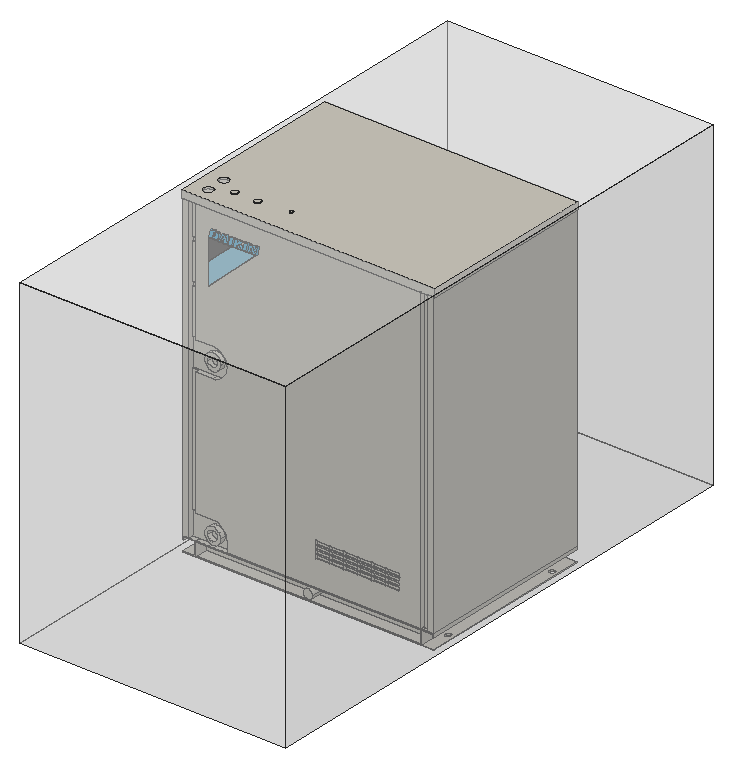
Revit family "outputfile", category 機械設備, Revit 2024 (continued)
Definition of nested family "daikin_logo_elevation_w150"
  Automatic sketch dimensions
    Extrusion 3 sketch curve to Extrusion 3 sketch curve = 8.771 mm
    Extrusion 3 sketch curve to Extrusion 3 sketch curve = 2.088 mm
    Extrusion 3 sketch curve to Extrusion 3 sketch curve = 3.898 mm
    Extrusion 3 sketch curve to plane 4 "top" = 6.682 mm
    Extrusion 3 sketch curve to Extrusion 3 sketch curve = 2.227 mm  (x2)
    Extrusion 3 sketch curve to Extrusion 3 sketch curve = 2.685 mm
    Extrusion 3 sketch curve to plane 4 "top" = 13.365 mm
    Extrusion 3 sketch curve to Extrusion 3 sketch curve = 5.012 mm
    Extrusion 3 sketch curve to Extrusion 3 sketch curve = 12.808 mm
    Extrusion 3 sketch curve to Extrusion 3 sketch curve = 2.784 mm
    Extrusion 3 sketch curve to Extrusion 3 sketch curve = 9.467 mm  (x4)
    Extrusion 3 sketch curve to Extrusion 3 sketch curve = 0.0 mm  (x5)
    Extrusion 3 sketch curve to Extrusion 3 sketch curve = 5.568 mm  (x2)
    Extrusion 3 sketch curve to plane 3 "Center (Left/Right)" = 0.345 mm
    Extrusion 3 sketch curve to plane 3 "Center (Left/Right)" = 1.94 mm
    Extrusion 3 sketch curve to plane 4 "top" = 6.377 mm
    plane 3 "Center (Left/Right)" to Extrusion 3 sketch curve = 5.78 mm
    plane 3 "Center (Left/Right)" to Extrusion 3 sketch curve = 2.996 mm
    Extrusion 3 sketch curve to Extrusion 3 sketch curve = 4.203 mm
    plane 3 "Center (Left/Right)" to Extrusion 3 sketch curve = 11.906 mm
    Extrusion 3 sketch curve to Extrusion 3 sketch curve = 11.694 mm
    plane 3 "Center (Left/Right)" to Extrusion 3 sketch curve = 0.212 mm
    Extrusion 3 sketch curve to plane 3 "Center (Left/Right)" = 4.4 mm
    Extrusion 3 sketch curve to Extrusion 3 sketch curve = 6.053 mm
    Extrusion 3 sketch curve to plane 3 "Center (Left/Right)" = 5.914 mm
    Extrusion 3 sketch curve to Extrusion 3 sketch curve = 10.581 mm
    Extrusion 3 sketch curve to plane 4 "top" = 13.558 mm
    Extrusion 3 sketch curve to Extrusion 3 sketch curve = 4.406 mm
    Extrusion 3 sketch curve to Extrusion 3 sketch curve = 7.796 mm
    Extrusion 3 sketch curve to Extrusion 3 sketch curve = 6.682 mm  (x2)
    Extrusion 3 sketch curve to Extrusion 3 sketch curve = 4.503 mm
    Extrusion 3 sketch curve to Extrusion 3 sketch curve = 8.716 mm
    Extrusion 3 sketch curve to Extrusion 3 sketch curve = 6.634 mm
    Extrusion 3 sketch curve to plane 4 "top" = 9.685 mm
    Extrusion 3 sketch curve to Extrusion 3 sketch curve = 4.261 mm
    Extrusion 3 sketch curve to Extrusion 3 sketch curve = 1.67 mm
    Extrusion 3 sketch curve to Extrusion 3 sketch curve = 8.353 mm
    Extrusion 1 sketch curve to plane 3 "Center (Left/Right)" = 90.0 mm
    Extrusion 2 sketch curve to Extrusion 2 sketch curve = 70.196 mm
    plane 3 "Center (Left/Right)" to Extrusion 1 sketch curve = 54.211 mm
Definition of nested family "daikin_mountinghole"
  Parameters (values of type "daikin_mountinghole")
    Default Elevation = 1219.2 mm
    Type Comments = "mountinghole"
    show [instance] = yes
    material = none
    l_centerline = 100.0 mm
    l_antenna [instance] = 100.0 mm
    h_mountinghole [instance] = 0.0 mm
    d_circle = 30.0 mm
    Link_Nested Family [instance] = ""
  Reference planes
    plane 1 "Center (Front/Back)": y = 0
    plane 2: z = 0
    plane 3 "Center (Left/Right)": x = 0
    plane 4: y = 50
    plane 5: x = -50
    plane 6: x = 50
    plane 7: y = -50
    plane 8 "h_mountinghole": z = 0
    plane 9: z = 100
  Lines and regions (mm)
    model lines, detail levels fine
      curve 1: circle (0, 0, 0) r 15 normal (0, 0, 1)
      curve 2: line (-50, 0, 0) -> (50, 0, 0)
      curve 3: line (0, 50, 0) -> (0, -50, 0)
    symbolic lines, detail levels fine
      curve 4: circle (0, 0, 0) r 15 normal (0, 0, 1)
      curve 5: line (-50, 0, 0) -> (50, 0, 0)
      curve 6: line (0, 50, 0) -> (0, -50, 0)
    model lines
      curve 7: line (0, 0, 100) -> (0, 0, 0)
  Dimensions and locks
    equal spacing: plane 4, plane 1 "Center (Front/Back)", plane 7
    "l_centerline": plane 4 to plane 7
    equal spacing: plane 5, plane 3 "Center (Left/Right)", plane 6
    "l_centerline": plane 5 to plane 6
    "l_antenna": plane 9 to plane 8 "h_mountinghole"
    "h_mountinghole": plane 8 "h_mountinghole" to plane 2
    "d_circle": diameter of curve 1
    "d_circle": diameter of curve 4
    aligned and locked: level to plane 2
    aligned and locked: plane 1 "Center (Front/Back)" to curve 1
    aligned and locked: plane 3 "Center (Left/Right)" to curve 1
    aligned and locked: plane 1 "Center (Front/Back)" to curve 2
    aligned and locked: curve 3 to plane 3 "Center (Left/Right)"
    aligned and locked: plane 6 to curve 2
    aligned and locked: plane 5 to curve 2
    aligned and locked: plane 4 to curve 3
    aligned and locked: plane 7 to curve 3
    aligned and locked: plane 1 "Center (Front/Back)" to curve 4
    aligned and locked: plane 3 "Center (Left/Right)" to curve 4
    aligned and locked: plane 6 to curve 5
    aligned and locked: plane 5 to curve 5
    aligned and locked: plane 1 "Center (Front/Back)" to curve 5
    aligned and locked: plane 4 to curve 6
    aligned and locked: plane 7 to curve 6
    aligned and locked: curve 6 to plane 3 "Center (Left/Right)"
    aligned and locked: curve 7 to plane 3 "Center (Left/Right)"
    aligned and locked: plane 9 to curve 7
    aligned and locked: plane 8 "h_mountinghole" to curve 7
Definition of nested family "daikin_connector_rotate3"
  Parameters (values of type "daikin_connector_rotate3")
    show [instance] = yes
    radius [instance] = 10.0 mm
    length [instance] = 600.0 mm
    angle_horizontal [instance] = 60.00°
    angle_vertical [instance] = 90.00°
    Default Elevation = 0.0 mm
  Reference planes
    plane 1 "Center (Front/Back)": y = 0
    plane 2: z = 0
    plane 3 "Center (Left/Right)": x = 0
  Dimensions and locks
    "angle_horizontal": angle plane 3 "Center (Left/Right)" to nested 1
    aligned and locked: level to plane 2
    aligned and locked: plane 1 "Center (Front/Back)" to nested 1  (x2)
    aligned and locked: plane 3 "Center (Left/Right)" to nested 1
  Nested families
    nested 1: "daikin_connector_rotate2" at (0, 0, 0) x (0.5, 0.866, 0) z (0, 0, 1), angle_vertical <- "angle_vertical", length <- "length", radius <- "radius", type "daikin_connector_rotate2"
      with radius 10.0 mm, length 600.0 mm, angle_vertical 90.00°
  Definition of nested family "daikin_connector_rotate2"
    Parameters (values of type "daikin_connector_rotate2")
      show_face = yes
      radius [instance] = 10.0 mm
      length [instance] = 600.0 mm
      d_surface = 10.0 mm
      angle_vertical [instance] = 90.00°
      Default Elevation = 0.0 mm
    Reference planes
      plane 1 "Center (Front/Back)": y = 0
      plane 2: z = 0
      plane 3 "Center (Left/Right)": x = 0
    Forms (mm)
      Extrusion 1, solid, visible <- "show_face"
        sketch origin (0, -600, 0) x (1, 0, 0) y (0, 0, 1)
          loop
            circle (0, 0) r 10
        from 0 to -10
    Lines and regions (mm)
      reference lines
        curve 1: line (0, 0, 0) -> (0, -600, 0)
      symbolic lines
        curve 2: circle (0, 0, 0) r 5 normal (0, 0, 1)
      model lines, visible <- "show_face"
        curve 3: line (0, 0, 0) -> (0, -600, 0)
    Dimensions and locks
      "length": curve 1 to curve 1
      "length": curve 3 to curve 3
      "d_surface": Extrusion 1 to Extrusion 1
      "radius": radius of Extrusion 1 sketch curve
      "angle_vertical": angle curve 1 to plane 1 "Center (Front/Back)"
      "angle_vertical": angle curve 3 to plane 1 "Center (Front/Back)"
      aligned and locked: level to plane 2
      aligned and locked: plane 1 "Center (Front/Back)" to curve 1
      aligned and locked: plane 2 to curve 1
      aligned and locked: plane 1 "Center (Front/Back)" to curve 2
      aligned and locked: plane 3 "Center (Left/Right)" to curve 2
      aligned and locked: plane 1 "Center (Front/Back)" to curve 3
      aligned and locked: plane 2 to curve 3
      aligned and locked: Extrusion 1 to Extrusion 1
    Automatic sketch dimensions
      Extrusion 1 sketch curve to level = 0.0 mm
      Extrusion 1 sketch curve to plane 3 "Center (Left/Right)" = 0.0 mm
      radius of curve 2 = 5.0 mm
